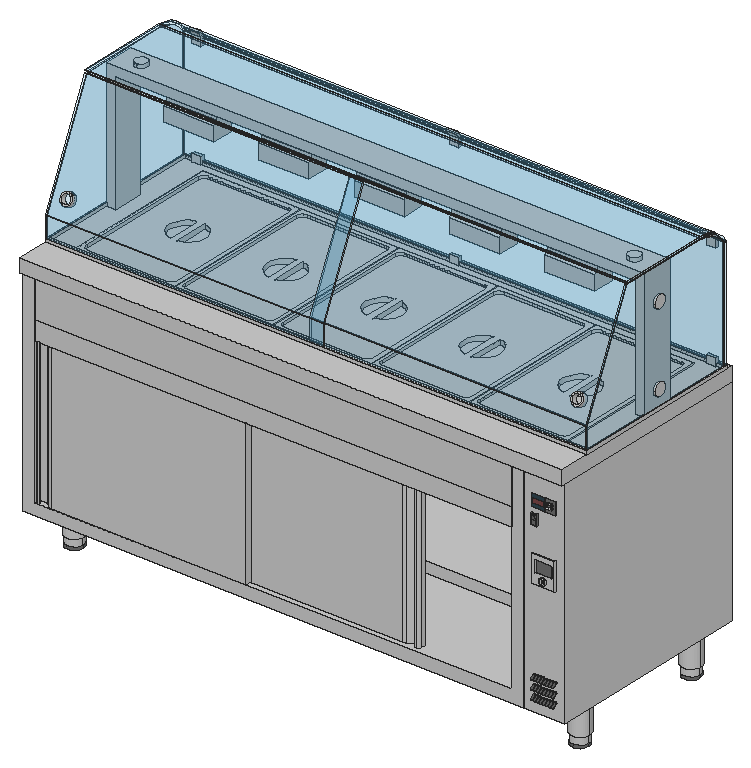
Revit family "QF_INOMAK_MFV718_250606031629", category Specialty Equipment, Revit 2021
Family settings
  Round Connector Dimension = Use Diameter
  Part Type = Normal
  OmniClass Number = 23.40.40.14
  OmniClass Title = Food Service Equipment
  Work Plane-Based = No
  Always vertical = Yes
  Cut with Voids When Loaded = No
  Shared = No
  Room Calculation Point = No
Parameters (values of type "MFV718")
  Weight [instance] = 126.00 kg
  Waste Water Discharge Temperature [instance] = 0 °C
  Waste Remarks [instance] = ""
  Warranty Start Date [instance] = ""
  Warranty Duration [instance] = ""
  Volts [instance] = 230 V
  Volt Free Conn [instance] = no
  URL Recommended Spares List [instance] = ""
  URL Manufacturer [instance] = ""
  URL Cutsheet [instance] = ""
  URL Critical Spares List [instance] = ""
  URL = "www.inomak.com"
  Technical Documentation [instance] = ""
  Tag Number [instance] = ""
  Status [instance] = ""
  Start Up Current [instance] = 0 A
  Specification by User [instance] = ""
  Specification by Manufacturer [instance] = ""
  Sound Level [instance] = ""
  Show Logo [instance] = yes
  Show Clearances [instance] = yes
  Service Life Duration [instance] = ""
  Serial Number [instance] = ""
  Seismic Rating [instance] = ""
  SMACNA No [instance] = ""
  Revision Code [instance] = ""
  Revision [instance] = ""
  Production Year [instance] = ""
  Potential Equalisation [instance] = no
  Point Load [instance] = 0
  Plumbing Remarks [instance] = ""
  Plumbing Connection Type [instance] = ""
  Phase [instance] = 1
  Other Equipment Approvals [instance] = ""
  Operational Current [instance] = 0 A
  Odor Trap Included [instance] = no
  Number of Poles [instance] = 2
  No Load Power Draw [instance] = no
  National Water Regulation Certification [instance] = no
  NAFEM Spec ID Number [instance] = ""
  Model Warning [instance] = ""
  Model = "MFV718"
  Min Ckt Ampacity [instance] = 0 A
  Max Overcurrent Protection [instance] = 16 A
  Masterspec [instance] = ""
  Manufacturer = "INOMAK"
  Main switch integrated [instance] = no
  Length Actual [instance] = 1792 mm
  Item Number [instance] = ""
  Installed By [instance] = ""
  Installation Date [instance] = ""
  Indirect Waste Size [instance] = 25.4 mm
  Indirect Waste Remarks [instance] = ""
  Indirect Waste Flow [instance] = 0.0 L/s
  Indirect Waste Connection Type [instance] = ""
  Indirect Waste Connection Height [instance] = 0 mm
  Identify Quantity as Lot [instance] = no
  ID [instance] = ""
  Hygiene Approval [instance] = ""
  Height Actual [instance] = 1313 mm
  HP power [instance] = ""
  Furnished By [instance] = ""
  Foodservice Equipment Identifier [instance] = no
  FL Amps [instance] = 14.1 A
  Electrical Remarks [instance] = ""
  Electric power [instance] = 3250 W
  Electric Connection Type [instance] = ""
  Elec Conn RI Height [instance] = 0 mm
  Elec Conn Connection Height [instance] = 0 mm
  ETL Approved [instance] = no
  Direct Waste Water Discharge Temperature [instance] = -273.15 °C
  Direct Waste Size [instance] = 25.4 mm
  Direct Waste RI Height [instance] = 0 mm
  Direct Waste Flow [instance] = 0.0 L/s
  Direct Waste Connection Height [instance] = 0 mm
  Description = "BAIN MARIE ON CUPBOARD WITH 4 GN PANS CAPACITY AND SHOWCASE"
  Depth Actual [instance] = 700 mm
  Default Elevation = 0 mm
  Cycle [instance] = 50 Hz
  Cost = 0
  Connection to energy optimisation system [instance] = yes
  Conn Plug [instance] = ""
  Conn Conduit [instance] = no
  Cold Water Temperature Recommended [instance] = 0 °C
  Cold Water Size [instance] = 12.7 mm
  Cold Water Remarks [instance] = ""
  Cold Water RI Height [instance] = 0 mm
  Cold Water Quality [instance] = ""
  Cold Water Minimum Pressure [instance] = 200000.0 Pa
  Cold Water Maximum Pressure [instance] = 600000.0 Pa
  Cold Water Flow [instance] = 0.0 L/s
  Cold Water Connection Type [instance] = ""
  Cold Water Connection Height [instance] = 0 mm
  Centralized building control system with digital interface [instance] = ""
  CSI MasterFormat [instance] = ""
  CE Approved [instance] = no
  Barcode [instance] = 0
  Author [instance] = ""
  Asset Identifier [instance] = ""
  Apparent Power [instance] = 3250 VA
  Accessory [instance] = no
Reference planes
  plane 1 "Center (Front/Back)": y = 0
  plane 2: z = 0
  plane 3 "Center (Left/Right)": x = 0
Forms (mm)
  Extrusion 1, solid, not visible
    sketch origin (110.005, -510.025, 142.007) x (1, 0, 0) y (0, 1, 0)
      loop
        line (-2, 2) -> (-2, -2) -> (2, -2) -> (2, 2) -> (-2, 2)
    from -2 to 2
  Extrusion 2, solid, not visible
    sketch origin (110.005, -410.02, 142.007) x (1, 0, 0) y (0, 1, 0)
      loop
        line (-2, 2) -> (-2, -2) -> (2, -2) -> (2, 2) -> (-2, 2)
    from -2 to 2
  Extrusion 3, solid, not visible
    sketch origin (1745.085, -635.031, 142.007) x (1, 0, 0) y (0, 1, 0)
      loop
        line (-2, 2) -> (-2, -2) -> (2, -2) -> (2, 2) -> (-2, 2)
    from -2 to 2
Dimensions and locks
  locked: nested 2 to Extrusion 1 at 2  (x2)
  locked: nested 3 to Extrusion 2 at 2  (x2)
  locked: nested 4 to Extrusion 3 at 2  (x2)
  aligned and locked: level to plane 2
Nested families
  nested 1: "QF_INOMAK_CUPBOARD_BAIN_MARIES_1795_2920" at (0, 0, 140), type "MFV718"
    with Weight 126.00 kg, Warranty Start Date "", Warranty Duration "", URL Cutsheet "", Technical Documentation "", Tag Number "", Status "", Specification by User "", Specification by Manufacturer "", Sound Level "", Solid Fuel Type "", Show Logo yes, Show Clearances yes, Service Life Duration "", Serial Number "", Seismic Rating "", SMACNA No "", Revision Code "", Revision "", Production Year "", Point Load 0, Other Equipment Approvals "", NAFEM Spec ID Number "", Model Warning "", Masterspec "", Length Actual 1792 mm, Item Number "", Installed By "", Installation Date "", Identify Quantity as Lot yes, ID "", Hygiene Approval "", Height Actual 1313 mm, Furnished By "", Foodservice Equipment Identifier yes, ETL Approved yes, Depth Actual 700 mm, CSI MasterFormat "", CE Approved yes, Barcode "", Author "", Asset Identifier "", Accessory no
  nested 2: "CONN_POINT_COLDWATER_2D___Generic_Annotation" at (110.005, -510.025, 140.007), type "CONN_POINT_COLDWATER_2D___Generic_Annotation"
    with Onboard connection annotation symbol visibility yes
  nested 3: "CONN_POINT_DRAIN_2D___Generic_Annotation" at (110.005, -410.02, 140.007), type "CONN_POINT_DRAIN_2D___Generic_Annotation"
    with Onboard connection annotation symbol visibility yes
  nested 4: "CONN_POINT_ELE_2D___Generic_Annotation" at (1745.085, -635.031, 140.007), type "CONN_POINT_ELE_2D___Generic_Annotation"
    with Onboard connection annotation symbol visibility yes
  nested 5: "QF_INOMAK_HEAT_WORKTOPS_HTVF_1795_5089" at (0, 0, 896), type "HTVF-1795-630"
    with Weight 0.00 kg, Warranty Start Date "", Warranty Duration "", URL Cutsheet "", Technical Documentation "", Tag Number "", Status "", Specification by User "", Specification by Manufacturer "", Sound Level "", Solid Fuel Type "", Show Logo yes, Show Clearances yes, Service Life Duration "", Serial Number "", Seismic Rating "", SMACNA No "", Revision Code "", Revision "", Production Year "", Point Load 0, Other Equipment Approvals "", NAFEM Spec ID Number "", Model Warning "", Masterspec "", Length Actual 1792 mm, Item Number "", Installed By "", Installation Date "", Identify Quantity as Lot yes, ID "", Hygiene Approval "", Height Actual 440 mm, Furnished By "", Foodservice Equipment Identifier yes, ETL Approved yes, Depth Actual 630 mm, CSI MasterFormat "", CE Approved yes, Barcode "", Author "", Asset Identifier "", Accessory yes
  nested 6: "QF_INOMAK_LEGS_6348" at (0, 0, 0), type "LG-1795-700"
    with Weight 0.00 kg, Warranty Start Date "", Warranty Duration "", URL Cutsheet "", Technical Documentation "", Tag Number "", Status "", Specification by User "", Specification by Manufacturer "", Sound Level "", Solid Fuel Type "", Show Logo yes, Show Clearances yes, Service Life Duration "", Serial Number "", Seismic Rating "", SMACNA No "", Revision Code "", Revision "", Production Year "", Point Load 0, Other Equipment Approvals "", NAFEM Spec ID Number "", Model Warning "", Masterspec "", Length Actual 1792 mm, Item Number "", Installed By "", Installation Date "", Identify Quantity as Lot yes, ID "", Hygiene Approval "", Height Actual 140 mm, Furnished By "", Foodservice Equipment Identifier yes, ETL Approved yes, Depth Actual 700 mm, CSI MasterFormat "", CE Approved yes, Barcode "", Author "", Asset Identifier "", Accessory yes
Connectors
  piping at (110.005, -510.025, 140.007), diameter 12.7, driven by "Cold Water Size", driven by "Cold Water Flow"
    settings: on Extrusion 1, index 1, connector inside diameter 609.6 mm, connector length 0 mm, flow factor 0, pipe flow 0.0 L/s, pressure drop 0.0 Pa, fitting loss kfactor 0, connector angle 0.00°, fixture units 0, engagement length 0 mm, angle of deflection 0.00°, flow configuration 1, flow direction 1, fitting loss method 0, system type 20, joint type 0, gender type 0, connector reference index -1, connector utility 0, adjustable connector no, is connector primary yes, connector description "Cold Water connection for MFV718"
  piping at (110.005, -410.02, 140.007), diameter 25.4, driven by "Indirect Waste Size", driven by "Direct Waste Flow"
    settings: on Extrusion 2, index 2, connector inside diameter 609.6 mm, connector length 0 mm, flow factor 0, pipe flow 0.0 L/s, pressure drop 0.0 Pa, fitting loss kfactor 0, connector angle 0.00°, fixture units 0, engagement length 0 mm, angle of deflection 0.00°, flow configuration 1, flow direction 2, fitting loss method 0, system type 16, joint type 0, gender type 0, connector reference index -1, connector utility 0, adjustable connector no, is connector primary no, connector description "Waste connection for MFV718"
  electrical at (1745.085, -635.031, 140.007), driven by "Apparent Power", driven by "Number of Poles", driven by "Volts"
    settings: on Extrusion 3, index 3, voltage 230 V, apparent load 0 VA, apparent load phase1 3250 VA, apparent load phase2 0 VA, apparent load phase3 0 VA, power factor 1, load classification "Other", number of poles 2, system type 31, power factor state 1, is connector primary yes, connector utility no, sub classification motor no, connector description "Electrical connection for MFV718"
Definition of nested family "QF_INOMAK_CUPBOARD_BAIN_MARIES_1795_2920"
  Parameters (values of type "MDV718")
    Weight [instance] = 0.00 kg
    Warranty Start Date [instance] = ""
    Warranty Duration [instance] = ""
    URL Cutsheet [instance] = ""
    URL = "www.inomak.com"
    Technical Documentation [instance] = ""
    Tag Number [instance] = ""
    Status [instance] = ""
    Specification by User [instance] = ""
    Specification by Manufacturer [instance] = ""
    Sound Level [instance] = ""
    Solid Fuel Type [instance] = ""
    Show Logo [instance] = yes
    Show Clearances [instance] = yes
    Service Life Duration [instance] = ""
    Serial Number [instance] = ""
    Seismic Rating [instance] = ""
    SMACNA No [instance] = ""
    Revision Code [instance] = ""
    Revision [instance] = ""
    Production Year [instance] = ""
    Point Load [instance] = 0
    Other Equipment Approvals [instance] = ""
    NAFEM Spec ID Number [instance] = ""
    Model Warning [instance] = ""
    Model = "MDV718"
    Masterspec [instance] = ""
    Manufacturer = "INOMAK"
    Length Actual [instance] = 0 mm
    Item Number [instance] = ""
    Installed By [instance] = ""
    Installation Date [instance] = ""
    Identify Quantity as Lot [instance] = yes
    ID [instance] = ""
    Hygiene Approval [instance] = ""
    Height Actual [instance] = 0 mm
    Furnished By [instance] = ""
    Foodservice Equipment Identifier [instance] = yes
    ETL Approved [instance] = yes
    Description = "BAIN MARIE ON CUPBOARD WITH 4 GN PANS CAPACITY"
    Depth Actual [instance] = 0 mm
    Default Elevation = 0 mm
    CSI MasterFormat [instance] = ""
    CE Approved [instance] = yes
    Barcode [instance] = ""
    Author [instance] = ""
    Asset Identifier [instance] = ""
    Assembly Code = "E1090320"
    Accessory [instance] = yes
  Types (10, lengths in mm): name | Model | Description
    MFV718 | "MFV718" | "BAIN MARIE ON CUPBOARD WITH 4 GN PANS CAPACITY AND SHOWCASE"
    MHV718 | "MHV718" | "BAIN MARIE ON HEATED CUPBOARD WITH 4 GN PANS CAPACITY"
    MJV718 | "MJV718" | "BAIN MARIE ON HEATED CUPBOARD WITH 4 GN PANS CAPACITY AND SINGLE SNEEZE GUARD"
    MQV718 | "MQV718" | "BAIN MARIE ON HEATED CUPBOARD WITH 4 GN PANS CAPACITY AND DOUBLE SNEEZE GUARD"
    MISQ718 | "MISQ718" | "BAIN MARIE ON HEATED CUPBOARD WITH 4 GN PANS CAPACITY AND SQUARE SHOWCASE"
    MDV718 | "MDV718" | "BAIN MARIE ON CUPBOARD WITH 4 GN PANS CAPACITY"
    MVV718 | "MVV718" | "BAIN MARIE ON CUPBOARD WITH 4 GN PANS CAPACITY AND SINGLE SNEEZE GUARD"
    MRV718 | "MRV718" | "BAIN MARIE ON CUPBOARD WITH 4 GN PANS CAPACITY AND DOUBLE SNEEZE GUARD"
    MFSQ718 | "MFSQ718" | "BAIN MARIE ON CUPBOARD WITH 4 GN PANS CAPACITY AND SQUARE SHOWCASE"
    MIV718 | "MIV718" | "BAIN MARIE ON HEATED CUPBOARD WITH 4 GN PANS CAPACITY AND SHOWCASE"
  Reference planes
    plane 1 "Back": y = 0
    plane 2: z = 0
    plane 3 "Left": x = 0
    plane 4 "Right": x = 1792
    plane 5 "Front": y = -700
    plane 6 "Top": z = 756
  Forms (mm)
    Extrusion 1, solid
      sketch origin (1168.283, -707, -123.631) x (-1, 0, 0) y (0, 0, 1)
        loop
          arc (-522.253, 235.165) -> (-526.351, 236.263) -> (-527.449, 232.165) r 3
          line (-527.449, 232.165) -> (-518.449, 216.577)
          arc (-518.449, 216.577) -> (-514.351, 215.479) -> (-513.253, 219.577) r 3
          line (-513.253, 219.577) -> (-522.253, 235.165)
        loop
          arc (-532.253, 235.165) -> (-536.351, 236.263) -> (-537.449, 232.165) r 3
          line (-537.449, 232.165) -> (-528.449, 216.577)
          arc (-528.449, 216.577) -> (-524.351, 215.479) -> (-523.253, 219.577) r 3
          line (-523.253, 219.577) -> (-532.253, 235.165)
        loop
          arc (-542.253, 235.165) -> (-546.351, 236.263) -> (-547.449, 232.165) r 3
          line (-547.449, 232.165) -> (-538.449, 216.577)
          arc (-538.449, 216.577) -> (-534.351, 215.479) -> (-533.253, 219.577) r 3
          line (-533.253, 219.577) -> (-542.253, 235.165)
        loop
          arc (-552.253, 235.165) -> (-556.351, 236.263) -> (-557.449, 232.165) r 3
          line (-557.449, 232.165) -> (-548.449, 216.577)
          arc (-548.449, 216.577) -> (-544.351, 215.479) -> (-543.253, 219.577) r 3
          line (-543.253, 219.577) -> (-552.253, 235.165)
        loop
          arc (-562.253, 235.165) -> (-566.351, 236.263) -> (-567.449, 232.165) r 3
          line (-567.449, 232.165) -> (-558.449, 216.577)
          arc (-558.449, 216.577) -> (-554.351, 215.479) -> (-553.253, 219.577) r 3
          line (-553.253, 219.577) -> (-562.253, 235.165)
        loop
          arc (-572.253, 235.165) -> (-576.351, 236.263) -> (-577.449, 232.165) r 3
          line (-577.449, 232.165) -> (-568.449, 216.577)
          arc (-568.449, 216.577) -> (-564.351, 215.479) -> (-563.253, 219.577) r 3
          line (-563.253, 219.577) -> (-572.253, 235.165)
        loop
          arc (-582.253, 235.165) -> (-586.351, 236.263) -> (-587.449, 232.165) r 3
          line (-587.449, 232.165) -> (-578.449, 216.577)
          arc (-578.449, 216.577) -> (-574.351, 215.479) -> (-573.253, 219.577) r 3
          line (-573.253, 219.577) -> (-582.253, 235.165)
        loop
          arc (-592.253, 235.165) -> (-596.351, 236.263) -> (-597.449, 232.165) r 3
          line (-597.449, 232.165) -> (-588.449, 216.577)
          arc (-588.449, 216.577) -> (-584.351, 215.479) -> (-583.253, 219.577) r 3
          line (-583.253, 219.577) -> (-592.253, 235.165)
        loop
          arc (-522.253, 205.165) -> (-526.351, 206.263) -> (-527.449, 202.165) r 3
          line (-527.449, 202.165) -> (-518.449, 186.577)
          arc (-518.449, 186.577) -> (-514.351, 185.479) -> (-513.253, 189.577) r 3
          line (-513.253, 189.577) -> (-522.253, 205.165)
        loop
          arc (-532.253, 205.165) -> (-536.351, 206.263) -> (-537.449, 202.165) r 3
          line (-537.449, 202.165) -> (-528.449, 186.577)
          arc (-528.449, 186.577) -> (-524.351, 185.479) -> (-523.253, 189.577) r 3
          line (-523.253, 189.577) -> (-532.253, 205.165)
        loop
          arc (-542.253, 205.165) -> (-546.351, 206.263) -> (-547.449, 202.165) r 3
          line (-547.449, 202.165) -> (-538.449, 186.577)
          arc (-538.449, 186.577) -> (-534.351, 185.479) -> (-533.253, 189.577) r 3
          line (-533.253, 189.577) -> (-542.253, 205.165)
        loop
          arc (-552.253, 205.165) -> (-556.351, 206.263) -> (-557.449, 202.165) r 3
          line (-557.449, 202.165) -> (-548.449, 186.577)
          arc (-548.449, 186.577) -> (-544.351, 185.479) -> (-543.253, 189.577) r 3
          line (-543.253, 189.577) -> (-552.253, 205.165)
        loop
          arc (-562.253, 205.165) -> (-566.351, 206.263) -> (-567.449, 202.165) r 3
          line (-567.449, 202.165) -> (-558.449, 186.577)
          arc (-558.449, 186.577) -> (-554.351, 185.479) -> (-553.253, 189.577) r 3
          line (-553.253, 189.577) -> (-562.253, 205.165)
        loop
          arc (-572.253, 205.165) -> (-576.351, 206.263) -> (-577.449, 202.165) r 3
          line (-577.449, 202.165) -> (-568.449, 186.577)
          arc (-568.449, 186.577) -> (-564.351, 185.479) -> (-563.253, 189.577) r 3
          line (-563.253, 189.577) -> (-572.253, 205.165)
        loop
          arc (-582.253, 205.165) -> (-586.351, 206.263) -> (-587.449, 202.165) r 3
          line (-587.449, 202.165) -> (-578.449, 186.577)
          arc (-578.449, 186.577) -> (-574.351, 185.479) -> (-573.253, 189.577) r 3
          line (-573.253, 189.577) -> (-582.253, 205.165)
        loop
          arc (-592.253, 205.165) -> (-596.351, 206.263) -> (-597.449, 202.165) r 3
          line (-597.449, 202.165) -> (-588.449, 186.577)
          arc (-588.449, 186.577) -> (-584.351, 185.479) -> (-583.253, 189.577) r 3
          line (-583.253, 189.577) -> (-592.253, 205.165)
        loop
          arc (-522.253, 175.165) -> (-526.351, 176.263) -> (-527.449, 172.165) r 3
          line (-527.449, 172.165) -> (-518.449, 156.577)
          arc (-518.449, 156.577) -> (-514.351, 155.479) -> (-513.253, 159.577) r 3
          line (-513.253, 159.577) -> (-522.253, 175.165)
        loop
          arc (-532.253, 175.165) -> (-536.351, 176.263) -> (-537.449, 172.165) r 3
          line (-537.449, 172.165) -> (-528.449, 156.577)
          arc (-528.449, 156.577) -> (-524.351, 155.479) -> (-523.253, 159.577) r 3
          line (-523.253, 159.577) -> (-532.253, 175.165)
        loop
          arc (-542.253, 175.165) -> (-546.351, 176.263) -> (-547.449, 172.165) r 3
          line (-547.449, 172.165) -> (-538.449, 156.577)
          arc (-538.449, 156.577) -> (-534.351, 155.479) -> (-533.253, 159.577) r 3
          line (-533.253, 159.577) -> (-542.253, 175.165)
        loop
          arc (-552.253, 175.165) -> (-556.351, 176.263) -> (-557.449, 172.165) r 3
          line (-557.449, 172.165) -> (-548.449, 156.577)
          arc (-548.449, 156.577) -> (-544.351, 155.479) -> (-543.253, 159.577) r 3
          line (-543.253, 159.577) -> (-552.253, 175.165)
        loop
          arc (-562.253, 175.165) -> (-566.351, 176.263) -> (-567.449, 172.165) r 3
          line (-567.449, 172.165) -> (-558.449, 156.577)
          arc (-558.449, 156.577) -> (-554.351, 155.479) -> (-553.253, 159.577) r 3
          line (-553.253, 159.577) -> (-562.253, 175.165)
        loop
          arc (-572.253, 175.165) -> (-576.351, 176.263) -> (-577.449, 172.165) r 3
          line (-577.449, 172.165) -> (-568.449, 156.577)
          arc (-568.449, 156.577) -> (-564.351, 155.479) -> (-563.253, 159.577) r 3
          line (-563.253, 159.577) -> (-572.253, 175.165)
        loop
          arc (-582.253, 175.165) -> (-586.351, 176.263) -> (-587.449, 172.165) r 3
          line (-587.449, 172.165) -> (-578.449, 156.577)
          arc (-578.449, 156.577) -> (-574.351, 155.479) -> (-573.253, 159.577) r 3
          line (-573.253, 159.577) -> (-582.253, 175.165)
        loop
          arc (-592.253, 175.165) -> (-596.351, 176.263) -> (-597.449, 172.165) r 3
          line (-597.449, 172.165) -> (-588.449, 156.577)
          arc (-588.449, 156.577) -> (-584.351, 155.479) -> (-583.253, 159.577) r 3
          line (-583.253, 159.577) -> (-592.253, 175.165)
      from 16.5 to 18.5
    Extrusion 2, solid
      sketch origin (1476.266, -692, 538.514) x (-1, 0, 0) y (0, 0, 1)
        loop
          line (-208.234, 108.408) -> (-253.234, 108.408) -> (-253.234, 68.408) -> (-208.234, 68.408) -> (-208.234, 108.408)
      from 0 to 2
    Extrusion 3, solid
      sketch origin (754.5, -693, 539.422) x (-1, 0, 0) y (0, 0, 1)
        loop
          line (-950, 15) -> (-930, 15) -> (-930, 50) -> (-950, 50) -> (-950, 15)
      from 0 to 3
    Extrusion 4, solid
      sketch origin (782.5, -568, 539.422) x (0, 1, 0) y (0, 0, 1)
        loop
          line (-125, 18) -> (-125, 47)
          arc (-125, 47) -> (-127.961, 46.812) -> (-130.754, 45.81) r 10.576
          line (-130.754, 45.81) -> (-128, 32.5) -> (-128, 18) -> (-125, 18)
      from 905 to 919
    Extrusion 5, solid
      sketch origin (1521.266, -692, 538.514) x (-1, 0, 0) y (0, 0, 1)
        loop
          line (-208.234, 108.408) -> (-243.234, 108.408) -> (-243.234, 68.408) -> (-208.234, 68.408) -> (-208.234, 108.408)
      from 0 to 2
    Extrusion 6, solid
      sketch origin (1476.266, -692.5, 538.514) x (-1, 0, 0) y (0, 0, 1)
        loop
          line (-213.234, 94.908) -> (-248.234, 94.908) -> (-248.234, 81.908) -> (-213.234, 81.908) -> (-213.234, 94.908)
      from 0 to 2.5
    Extrusion 7, solid
      sketch origin (1476.266, -692.5, 538.514) x (-1, 0, 0) y (0, 0, 1)
        loop
          line (-271.558, 91.171) -> (-275.802, 98.522) -> (-280.047, 91.171) -> (-271.558, 91.171)
        loop
          line (-271.558, 85.645) -> (-280.047, 85.645) -> (-275.802, 78.294) -> (-271.558, 85.645)
        loop
          line (-257.397, 85.645) -> (-267.397, 85.645) -> (-267.397, 78.294) -> (-257.397, 78.294) -> (-257.397, 85.645)
        loop
          line (-265.397, 98.522) -> (-267.397, 98.522) -> (-267.397, 92.322) -> (-259.549, 92.322) -> (-259.549, 91.171) -> (-257.397, 93.322) -> (-259.549, 95.474) -> (-259.549, 94.322) -> (-265.397, 94.322) -> (-265.397, 98.522)
      from 0 to 2.5
    Extrusion 8, solid
      sketch origin (28.5, 0, 488) x (1, 0, 0) y (0, 1, 0)
        loop
          line (55, -50) -> (55, -580) -> (380, -580) -> (380, -50) -> (55, -50)
        loop
          arc (87.5, -65) -> (73.358, -70.858) -> (67.5, -85) r 20
          line (67.5, -85) -> (67.5, -545.415)
          arc (67.5, -545.415) -> (73.358, -559.557) -> (87.5, -565.415) r 20
          line (87.5, -565.415) -> (347.5, -565.415)
          arc (347.5, -565.415) -> (361.642, -559.557) -> (367.5, -545.415) r 20
          line (367.5, -545.415) -> (367.5, -85)
          arc (367.5, -85) -> (361.642, -70.858) -> (347.5, -65) r 20
          line (347.5, -65) -> (87.5, -65)
      from 222 to 270
    Extrusion 9, solid
      sketch origin (28.5, 0, 481) x (1, 0, 0) y (0, 1, 0)
        loop
          arc (67.5, -545.415) -> (73.358, -559.557) -> (87.5, -565.415) r 20
          line (87.5, -565.415) -> (347.5, -565.415)
          arc (347.5, -565.415) -> (361.642, -559.557) -> (367.5, -545.415) r 20
          line (367.5, -545.415) -> (367.5, -85)
          arc (367.5, -85) -> (361.642, -70.858) -> (347.5, -65) r 20
          line (347.5, -65) -> (87.5, -65)
          arc (87.5, -65) -> (73.358, -70.858) -> (67.5, -85) r 20
          line (67.5, -85) -> (67.5, -545.415)
      from 229 to 270
    Extrusion 10, void
      sketch origin (28.5, 0, 496) x (1, 0, 0) y (0, 1, 0)
        loop
          arc (207.5, -256.046) -> (157.5, -315.207) -> (207.5, -374.368) r 60
          line (207.5, -374.368) -> (207.5, -256.046)
        loop
          line (227.5, -256.046) -> (227.5, -374.368)
          arc (227.5, -374.368) -> (277.5, -315.207) -> (227.5, -256.046) r 60
      from 240 to 270
    Extrusion 11, solid
      sketch origin (353.5, 0, 488) x (1, 0, 0) y (0, 1, 0)
        loop
          line (55, -50) -> (55, -580) -> (380, -580) -> (380, -50) -> (55, -50)
        loop
          arc (87.5, -65) -> (73.358, -70.858) -> (67.5, -85) r 20
          line (67.5, -85) -> (67.5, -545.415)
          arc (67.5, -545.415) -> (73.358, -559.557) -> (87.5, -565.415) r 20
          line (87.5, -565.415) -> (347.5, -565.415)
          arc (347.5, -565.415) -> (361.642, -559.557) -> (367.5, -545.415) r 20
          line (367.5, -545.415) -> (367.5, -85)
          arc (367.5, -85) -> (361.642, -70.858) -> (347.5, -65) r 20
          line (347.5, -65) -> (87.5, -65)
      from 222 to 270
    Extrusion 12, solid
      sketch origin (353.5, 0, 481) x (1, 0, 0) y (0, 1, 0)
        loop
          arc (67.5, -545.415) -> (73.358, -559.557) -> (87.5, -565.415) r 20
          line (87.5, -565.415) -> (347.5, -565.415)
          arc (347.5, -565.415) -> (361.642, -559.557) -> (367.5, -545.415) r 20
          line (367.5, -545.415) -> (367.5, -85)
          arc (367.5, -85) -> (361.642, -70.858) -> (347.5, -65) r 20
          line (347.5, -65) -> (87.5, -65)
          arc (87.5, -65) -> (73.358, -70.858) -> (67.5, -85) r 20
          line (67.5, -85) -> (67.5, -545.415)
      from 229 to 270
    Extrusion 13, void
      sketch origin (353.5, 0, 496) x (1, 0, 0) y (0, 1, 0)
        loop
          arc (207.5, -256.046) -> (157.5, -315.207) -> (207.5, -374.368) r 60
          line (207.5, -374.368) -> (207.5, -256.046)
        loop
          line (227.5, -256.046) -> (227.5, -374.368)
          arc (227.5, -374.368) -> (277.5, -315.207) -> (227.5, -256.046) r 60
      from 240 to 270
    Extrusion 14, solid
      sketch origin (1003.5, 0, 488) x (1, 0, 0) y (0, 1, 0)
        loop
          line (55, -50) -> (55, -580) -> (380, -580) -> (380, -50) -> (55, -50)
        loop
          arc (87.5, -65) -> (73.358, -70.858) -> (67.5, -85) r 20
          line (67.5, -85) -> (67.5, -545.415)
          arc (67.5, -545.415) -> (73.358, -559.557) -> (87.5, -565.415) r 20
          line (87.5, -565.415) -> (347.5, -565.415)
          arc (347.5, -565.415) -> (361.642, -559.557) -> (367.5, -545.415) r 20
          line (367.5, -545.415) -> (367.5, -85)
          arc (367.5, -85) -> (361.642, -70.858) -> (347.5, -65) r 20
          line (347.5, -65) -> (87.5, -65)
      from 222 to 270
    Extrusion 15, solid
      sketch origin (1003.5, 0, 481) x (1, 0, 0) y (0, 1, 0)
        loop
          arc (67.5, -545.415) -> (73.358, -559.557) -> (87.5, -565.415) r 20
          line (87.5, -565.415) -> (347.5, -565.415)
          arc (347.5, -565.415) -> (361.642, -559.557) -> (367.5, -545.415) r 20
          line (367.5, -545.415) -> (367.5, -85)
          arc (367.5, -85) -> (361.642, -70.858) -> (347.5, -65) r 20
          line (347.5, -65) -> (87.5, -65)
          arc (87.5, -65) -> (73.358, -70.858) -> (67.5, -85) r 20
          line (67.5, -85) -> (67.5, -545.415)
      from 229 to 270
    Extrusion 16, void
      sketch origin (1003.5, 0, 496) x (1, 0, 0) y (0, 1, 0)
        loop
          arc (207.5, -256.046) -> (157.5, -315.207) -> (207.5, -374.368) r 60
          line (207.5, -374.368) -> (207.5, -256.046)
        loop
          line (227.5, -256.046) -> (227.5, -374.368)
          arc (227.5, -374.368) -> (277.5, -315.207) -> (227.5, -256.046) r 60
      from 240 to 270
    Extrusion 17, solid
      sketch origin (0, 0, 706) x (1, 0, 0) y (0, 1, 0)
        loop
          line (0, 0) -> (0, -700) -> (1792, -700) -> (1792, 0) -> (0, 0)
        loop
          line (83.5, -50) -> (83.5, -580) -> (1708.5, -580) -> (1708.5, -50) -> (83.5, -50)
      from 4 to 50
    Extrusion 18, solid
      sketch origin (0, 0, 0) x (1, 0, 0) y (0, 1, 0)
        loop
          line (0, -690) -> (40, -690) -> (40, -40) -> (1617, -40) -> (1617, -690) -> (1657, -690) -> (1657, 0) -> (0, 0) -> (0, -690)
      from 0 to 710
    Extrusion 19, solid
      sketch origin (687, 0, 0) x (1, 0, 0) y (0, 1, 0)
        loop
          line (970, 0) -> (970, -690) -> (1105, -690) -> (1105, 0) -> (970, 0)
      from 0 to 710
    Extrusion 20, solid
      sketch origin (-130, -690, 0) x (-1, 0, 0) y (0, 1, 0)
        loop
          line (-170, 10) -> (-170, 20) -> (-868.5, 20) -> (-868.5, 0) -> (-226.156, 0)
          arc (-226.156, 0) -> (-220.272, 0.885) -> (-214.91, 3.461) r 20
          line (-214.91, 3.461) -> (-195, 17) -> (-173, 17) -> (-173, 10)
          arc (-173, 10) -> (-175.05, 5.05) -> (-180, 3) r 7
          line (-180, 3) -> (-185.012, 3) -> (-185.012, 0) -> (-180, 0)
          arc (-180, 0) -> (-172.929, 2.929) -> (-170, 10) r 10
      from -40 to -520
    Extrusion 21, solid
      sketch origin (367, -690, 0) x (-1, 0, 0) y (0, 1, 0)
        loop
          arc (-930, 30) -> (-927.071, 22.929) -> (-920, 20) r 10
          line (-920, 20) -> (-914.988, 20) -> (-914.988, 23) -> (-920, 23)
          arc (-920, 23) -> (-924.95, 25.05) -> (-927, 30) r 7
          line (-927, 30) -> (-927, 37) -> (-905, 37) -> (-885.09, 23.461)
          arc (-885.09, 23.461) -> (-879.728, 20.885) -> (-873.844, 20) r 20
          line (-873.844, 20) -> (-231.5, 20) -> (-231.5, 40) -> (-930, 40) -> (-930, 30)
      from -40 to -520
    Extrusion 22, solid
      sketch origin (0, 0, 0) x (1, 0, 0) y (0, 1, 0)
        loop
          line (40, -40) -> (40, -690) -> (1620, -690) -> (1620, -40) -> (40, -40)
      from 0 to 40
    Extrusion 23, solid
      sketch origin (0.5, 0, 672.314) x (1, 0, 0) y (0, 1, 0)
        loop
          line (39.5, -40) -> (39.5, -690) -> (1616.5, -690) -> (1616.5, -40) -> (39.5, -40)
      from -92.314 to 37.686
    Extrusion 24, solid
      sketch origin (-1.5, 0, 610.314) x (1, 0, 0) y (0, 1, 0)
        loop
          line (41.5, -40) -> (41.5, -690) -> (1618.5, -690) -> (1618.5, -40) -> (41.5, -40)
      from -90.314 to -30.314
    Extrusion 25, solid
      sketch origin (-1.5, 0, 252.5) x (1, 0, 0) y (0, 1, 0)
        loop
          line (41.5, -40) -> (41.5, -645) -> (1618.5, -645) -> (1618.5, -40) -> (41.5, -40)
      from 0 to 35
    Extrusion 26, solid
      sketch origin (694.002, -695, 50) x (-1, 0, 0) y (0, 0, 1)
        loop
          line (-992.998, 421.076) -> (-1067.998, 421.076) -> (-1067.998, 331.076) -> (-992.998, 331.076) -> (-992.998, 421.076)
        loop
          line (-1003.957, 406.276) -> (-1058.957, 406.276) -> (-1058.957, 366.276) -> (-1003.957, 366.276) -> (-1003.957, 406.276)
      from 0 to 5
    Extrusion 27, solid
      sketch origin (694.002, -692, 50) x (-1, 0, 0) y (0, 0, 1)
        loop
          line (-1003.957, 406.276) -> (-1058.957, 406.276) -> (-1058.957, 366.276) -> (-1003.957, 366.276) -> (-1003.957, 406.276)
      from 0 to 2
    Revolve 28, solid
      sketch origin (1724.5, 59.612, -3292.415) x (0, 1, 0) y (0, 0, 1)
        loop
          line (-757.012, 3691.152) -> (-754.612, 3691.152) -> (-754.612, 3701.789) -> (-757.662, 3701.789) -> (-759.012, 3699.998) -> (-757.012, 3699.998) -> (-757.012, 3691.152)
        axis (-754.612, 3691.152) -> (-759.012, 3691.152)
      angle from 0 to 360
    Extrusion 29, solid
      sketch origin (-367.127, -695, 2689.585) x (-1, 0, 0) y (0, 0, 1)
        loop
          line (-2090.827, -2287.348) -> (-2092.827, -2287.348) -> (-2092.827, -2294.348) -> (-2090.827, -2294.348) -> (-2090.827, -2287.348)
        loop
          circle (-2091.627, -2290.848) r 7.846
      from -4.4 to -2.4
    Extrusion 30, solid
      sketch origin (678.5, 0, 488) x (1, 0, 0) y (0, 1, 0)
        loop
          line (55, -50) -> (55, -580) -> (380, -580) -> (380, -50) -> (55, -50)
        loop
          arc (87.5, -65) -> (73.358, -70.858) -> (67.5, -85) r 20
          line (67.5, -85) -> (67.5, -545.415)
          arc (67.5, -545.415) -> (73.358, -559.557) -> (87.5, -565.415) r 20
          line (87.5, -565.415) -> (347.5, -565.415)
          arc (347.5, -565.415) -> (361.642, -559.557) -> (367.5, -545.415) r 20
          line (367.5, -545.415) -> (367.5, -85)
          arc (367.5, -85) -> (361.642, -70.858) -> (347.5, -65) r 20
          line (347.5, -65) -> (87.5, -65)
      from 222 to 270
    Extrusion 31, solid
      sketch origin (678.5, 0, 481) x (1, 0, 0) y (0, 1, 0)
        loop
          arc (67.5, -545.415) -> (73.358, -559.557) -> (87.5, -565.415) r 20
          line (87.5, -565.415) -> (347.5, -565.415)
          arc (347.5, -565.415) -> (361.642, -559.557) -> (367.5, -545.415) r 20
          line (367.5, -545.415) -> (367.5, -85)
          arc (367.5, -85) -> (361.642, -70.858) -> (347.5, -65) r 20
          line (347.5, -65) -> (87.5, -65)
          arc (87.5, -65) -> (73.358, -70.858) -> (67.5, -85) r 20
          line (67.5, -85) -> (67.5, -545.415)
      from 229 to 270
    Extrusion 32, void
      sketch origin (678.5, 0, 496) x (1, 0, 0) y (0, 1, 0)
        loop
          arc (207.5, -256.046) -> (157.5, -315.207) -> (207.5, -374.368) r 60
          line (207.5, -374.368) -> (207.5, -256.046)
        loop
          line (227.5, -256.046) -> (227.5, -374.368)
          arc (227.5, -374.368) -> (277.5, -315.207) -> (227.5, -256.046) r 60
      from 240 to 270
    Extrusion 33, solid
      sketch origin (1328.5, 0, 488) x (1, 0, 0) y (0, 1, 0)
        loop
          line (55, -50) -> (55, -580) -> (380, -580) -> (380, -50) -> (55, -50)
        loop
          arc (87.5, -65) -> (73.358, -70.858) -> (67.5, -85) r 20
          line (67.5, -85) -> (67.5, -545.415)
          arc (67.5, -545.415) -> (73.358, -559.557) -> (87.5, -565.415) r 20
          line (87.5, -565.415) -> (347.5, -565.415)
          arc (347.5, -565.415) -> (361.642, -559.557) -> (367.5, -545.415) r 20
          line (367.5, -545.415) -> (367.5, -85)
          arc (367.5, -85) -> (361.642, -70.858) -> (347.5, -65) r 20
          line (347.5, -65) -> (87.5, -65)
      from 222 to 270
    Extrusion 34, solid
      sketch origin (1328.5, 0, 481) x (1, 0, 0) y (0, 1, 0)
        loop
          arc (67.5, -545.415) -> (73.358, -559.557) -> (87.5, -565.415) r 20
          line (87.5, -565.415) -> (347.5, -565.415)
          arc (347.5, -565.415) -> (361.642, -559.557) -> (367.5, -545.415) r 20
          line (367.5, -545.415) -> (367.5, -85)
          arc (367.5, -85) -> (361.642, -70.858) -> (347.5, -65) r 20
          line (347.5, -65) -> (87.5, -65)
          arc (87.5, -65) -> (73.358, -70.858) -> (67.5, -85) r 20
          line (67.5, -85) -> (67.5, -545.415)
      from 229 to 270
    Extrusion 35, void
      sketch origin (1328.5, 0, 496) x (1, 0, 0) y (0, 1, 0)
        loop
          arc (207.5, -256.046) -> (157.5, -315.207) -> (207.5, -374.368) r 60
          line (207.5, -374.368) -> (207.5, -256.046)
        loop
          line (227.5, -256.046) -> (227.5, -374.368)
          arc (227.5, -374.368) -> (277.5, -315.207) -> (227.5, -256.046) r 60
      from 240 to 270
  Cuts and joins
    Extrusion 10, Extrusion 13 cuts Extrusion 9
    Extrusion 13, Extrusion 16, Extrusion 32 cuts Extrusion 12
    Extrusion 16, Extrusion 35 cuts Extrusion 15
    joined: Extrusion 18, Extrusion 22
    Extrusion 32 cuts Extrusion 31
    Extrusion 35 cuts Extrusion 34
  Lines and regions (mm)
    symbolic lines
      curve 1: line (0, 0, 0) -> (1792, 0, 0)
      curve 2: line (0, -700, 0) -> (0, 0, 0)
      curve 3: line (1792, -700, 0) -> (0, -700, 0)
      curve 4: line (1792, 0, 0) -> (1792, -700, 0)
      curve 5: line (83.5, -50, 0) -> (1708.5, -50, 0)
      curve 6: line (83.5, -580, 0) -> (83.5, -50, 0)
      curve 7: line (1708.5, -580, 0) -> (83.5, -580, 0)
      curve 8: line (733.5, -50, 0) -> (733.5, -580, 0)
      curve 9: line (408.5, -50, 0) -> (408.5, -580, 0)
      curve 10: line (1708.5, -50, 0) -> (1708.5, -580, 0)
      curve 11: line (1058.5, -50, 0) -> (1058.5, -580, 0)
      curve 12: line (1383.5, -50, 0) -> (1383.5, -580, 0)
      curve 13: line (116, -65, 0) -> (376, -65, 0)
      curve 14: arc (376, -65, 0) -> (390.142, -70.858, 0) -> (396, -85, 0) r 20
      curve 15: line (396, -85, 0) -> (396, -545.415, 0)
      curve 16: arc (396, -545.415, 0) -> (390.142, -559.557, 0) -> (376, -565.415, 0) r 20
      curve 17: line (376, -565.415, 0) -> (116, -565.415, 0)
      curve 18: arc (116, -565.415, 0) -> (101.858, -559.557, 0) -> (96, -545.415, 0) r 20
      curve 19: line (96, -545.415, 0) -> (96, -85, 0)
      curve 20: arc (96, -85, 0) -> (101.858, -70.858, 0) -> (116, -65, 0) r 20
      curve 21: arc (236, -256.046, 0) -> (186, -315.207, 0) -> (236, -374.368, 0) r 60
      curve 22: line (236, -374.368, 0) -> (236, -256.046, 0)
      curve 23: line (256, -256.046, 0) -> (256, -374.368, 0)
      curve 24: arc (256, -374.368, 0) -> (306, -315.207, 0) -> (256, -256.046, 0) r 60
      curve 25: line (441, -65, 0) -> (701, -65, 0)
      curve 26: arc (701, -65, 0) -> (715.142, -70.858, 0) -> (721, -85, 0) r 20
      curve 27: line (721, -85, 0) -> (721, -545.415, 0)
      curve 28: arc (721, -545.415, 0) -> (715.142, -559.557, 0) -> (701, -565.415, 0) r 20
      curve 29: line (701, -565.415, 0) -> (441, -565.415, 0)
      curve 30: arc (441, -565.415, 0) -> (426.858, -559.557, 0) -> (421, -545.415, 0) r 20
      curve 31: line (421, -545.415, 0) -> (421, -85, 0)
      curve 32: arc (421, -85, 0) -> (426.858, -70.858, 0) -> (441, -65, 0) r 20
      curve 33: arc (561, -256.046, 0) -> (511, -315.207, 0) -> (561, -374.368, 0) r 60
      curve 34: line (561, -374.368, 0) -> (561, -256.046, 0)
      curve 35: line (581, -256.046, 0) -> (581, -374.368, 0)
      curve 36: arc (581, -374.368, 0) -> (631, -315.207, 0) -> (581, -256.046, 0) r 60
      curve 37: line (766, -65, 0) -> (1026, -65, 0)
      curve 38: arc (1026, -65, 0) -> (1040.142, -70.858, 0) -> (1046, -85, 0) r 20
      curve 39: line (1046, -85, 0) -> (1046, -545.415, 0)
      curve 40: arc (1046, -545.415, 0) -> (1040.142, -559.557, 0) -> (1026, -565.415, 0) r 20
      curve 41: line (1026, -565.415, 0) -> (766, -565.415, 0)
      curve 42: arc (766, -565.415, 0) -> (751.858, -559.557, 0) -> (746, -545.415, 0) r 20
      curve 43: line (746, -545.415, 0) -> (746, -85, 0)
      curve 44: arc (746, -85, 0) -> (751.858, -70.858, 0) -> (766, -65, 0) r 20
      curve 45: arc (886, -256.046, 0) -> (836, -315.207, 0) -> (886, -374.368, 0) r 60
      curve 46: line (886, -374.368, 0) -> (886, -256.046, 0)
      curve 47: line (906, -256.046, 0) -> (906, -374.368, 0)
      curve 48: arc (906, -374.368, 0) -> (956, -315.207, 0) -> (906, -256.046, 0) r 60
      curve 49: line (1091, -65, 0) -> (1351, -65, 0)
      curve 50: arc (1351, -65, 0) -> (1365.142, -70.858, 0) -> (1371, -85, 0) r 20
      curve 51: line (1371, -85, 0) -> (1371, -545.415, 0)
      curve 52: arc (1371, -545.415, 0) -> (1365.142, -559.557, 0) -> (1351, -565.415, 0) r 20
      curve 53: line (1351, -565.415, 0) -> (1091, -565.415, 0)
      curve 54: arc (1091, -565.415, 0) -> (1076.858, -559.557, 0) -> (1071, -545.415, 0) r 20
      curve 55: line (1071, -545.415, 0) -> (1071, -85, 0)
      curve 56: arc (1071, -85, 0) -> (1076.858, -70.858, 0) -> (1091, -65, 0) r 20
      curve 57: arc (1211, -256.046, 0) -> (1161, -315.207, 0) -> (1211, -374.368, 0) r 60
      curve 58: line (1211, -374.368, 0) -> (1211, -256.046, 0)
      curve 59: line (1231, -256.046, 0) -> (1231, -374.368, 0)
      curve 60: arc (1231, -374.368, 0) -> (1281, -315.207, 0) -> (1231, -256.046, 0) r 60
      curve 61: line (1416, -65, 0) -> (1676, -65, 0)
      curve 62: arc (1676, -65, 0) -> (1690.142, -70.858, 0) -> (1696, -85, 0) r 20
      curve 63: line (1696, -85, 0) -> (1696, -545.415, 0)
      curve 64: arc (1696, -545.415, 0) -> (1690.142, -559.557, 0) -> (1676, -565.415, 0) r 20
      curve 65: line (1676, -565.415, 0) -> (1416, -565.415, 0)
      curve 66: arc (1416, -565.415, 0) -> (1401.858, -559.557, 0) -> (1396, -545.415, 0) r 20
      curve 67: line (1396, -545.415, 0) -> (1396, -85, 0)
      curve 68: arc (1396, -85, 0) -> (1401.858, -70.858, 0) -> (1416, -65, 0) r 20
      curve 69: arc (1536, -256.046, 0) -> (1486, -315.207, 0) -> (1536, -374.368, 0) r 60
      curve 70: line (1536, -374.368, 0) -> (1536, -256.046, 0)
      curve 71: line (1556, -256.046, 0) -> (1556, -374.368, 0)
      curve 72: arc (1556, -374.368, 0) -> (1606, -315.207, 0) -> (1556, -256.046, 0) r 60
  Dimensions and locks
    plane 3 "Left" to plane 4 "Right" = 1792 mm
    plane 5 "Front" to plane 1 "Back" = 700 mm
    plane 6 "Top" to plane 2 = 756 mm
    aligned and locked: level to plane 2
Definition of nested family "QF_INOMAK_HEAT_WORKTOPS_HTVF_1795_5089"
  Parameters (values of type "HTVF-1795-630")
    Weight [instance] = 0.00 kg
    Warranty Start Date [instance] = ""
    Warranty Duration [instance] = ""
    URL Cutsheet [instance] = ""
    URL = "www.inomak.com"
    Technical Documentation [instance] = ""
    Tag Number [instance] = ""
    Status [instance] = ""
    Specification by User [instance] = ""
    Specification by Manufacturer [instance] = ""
    Sound Level [instance] = ""
    Solid Fuel Type [instance] = ""
    Show Logo [instance] = yes
    Show Clearances [instance] = yes
    Service Life Duration [instance] = ""
    Serial Number [instance] = ""
    Seismic Rating [instance] = ""
    SMACNA No [instance] = ""
    Revision Code [instance] = ""
    Revision [instance] = ""
    Production Year [instance] = ""
    Point Load [instance] = 0
    Other Equipment Approvals [instance] = ""
    NAFEM Spec ID Number [instance] = ""
    Model Warning [instance] = ""
    Model = "HTVF"
    Masterspec [instance] = ""
    Manufacturer = "INOMAK"
    Length Actual [instance] = 0 mm
    Item Number [instance] = ""
    Installed By [instance] = ""
    Installation Date [instance] = ""
    Identify Quantity as Lot [instance] = yes
    ID [instance] = ""
    Hygiene Approval [instance] = ""
    Height Actual [instance] = 0 mm
    Furnished By [instance] = ""
    Foodservice Equipment Identifier [instance] = yes
    ETL Approved [instance] = yes
    Description = "FULL LENGTH VITRINE"
    Depth Actual [instance] = 0 mm
    Default Elevation = 0 mm
    CSI MasterFormat [instance] = ""
    CE Approved [instance] = yes
    Barcode [instance] = ""
    Author [instance] = ""
    Asset Identifier [instance] = ""
    Assembly Code = "E1090320"
    Accessory [instance] = yes
  Reference planes
    plane 1 "Back": y = 0
    plane 2: z = 0
    plane 3 "Left": x = 0
    plane 4 "Right": x = 1792
    plane 5 "Front": y = -630
    plane 6 "Top": z = 440
  Forms (mm)
    Extrusion 1, solid
      sketch origin (1080, -2300.77, 3167) x (0, -1, 0) y (0, 0, 1)
        loop
          line (-2280.77, -3157) -> (-2275.77, -3157) -> (-2275.77, -2791.06) -> (-2280.77, -2791.06) -> (-2280.77, -3157)
      from -712 to 1080
    Extrusion 2, solid
      sketch origin (0, 0, -833) x (0, 1, 0) y (0, 0, 1)
        loop
          line (-596, 843) -> (-30, 843) -> (-30, 1210.94)
          arc (-30, 1210.94) -> (-72.588, 1249.179) -> (-128.129, 1263) r 118.514
          line (-128.129, 1263) -> (-432.792, 1263) -> (-596, 913) -> (-596, 843)
      from 0 to 5
    Extrusion 3, solid
      sketch origin (1080, 0, -833) x (0, -1, 0) y (0, 0, 1)
        loop
          line (20, 1213.94) -> (25.993, 1213.94)
          arc (25.993, 1213.94) -> (70.349, 1253.652) -> (128.129, 1268) r 123.514
          line (128.129, 1268) -> (432.8, 1268) -> (432.8, 1273) -> (128.129, 1273)
          arc (128.129, 1273) -> (66.526, 1257.273) -> (20, 1213.94) r 128.514
      from -712 to 1080
    Extrusion 4, solid
      sketch origin (0, 1874.578, 0) x (0, 1, 0) y (-1, 0, 0)
        loop
          line (-1894.578, 0) -> (-2470.578, 0) -> (-2470.578, -1792) -> (-1894.578, -1792) -> (-1894.578, 0)
        loop
          line (-2460.578, -5) -> (-2460.578, -1787) -> (-1899.578, -1787) -> (-1899.578, -5) -> (-2460.578, -5)
      from 0 to 10
    Extrusion 5, solid
      sketch origin (1792, -2300.77, 3167) x (0, -1, 0) y (0, 0, 1)
        loop
          line (-1704.77, -3157) -> (-1704.77, -3087) -> (-1867.977, -2737) -> (-2172.64, -2737)
          arc (-2172.64, -2737) -> (-2228.182, -2750.821) -> (-2270.77, -2789.06) r 118.514
          line (-2270.77, -2789.06) -> (-2270.77, -3157) -> (-1704.77, -3157)
      from 0 to 5
    Extrusion 6, solid
      sketch origin (789.276, 0, -833) x (0, -1, 0) y (0, 0, 1)
        loop
          line (596, 913) -> (432.792, 1263) -> (427.275, 1263) -> (591, 911.892) -> (591, 843) -> (596, 843) -> (596, 913)
      from -130.724 to 784.276
    Extrusion 7, solid
      sketch origin (712.724, 0, -833) x (0, -1, 0) y (0, 0, -1)
        loop
          line (591, -843) -> (586, -843) -> (586, -910.783) -> (421.759, -1263) -> (427.275, -1263) -> (591, -911.892) -> (591, -843)
      from 159.276 to 1074.276
    Extrusion 8, void
      sketch origin (789.276, -596, 80) x (0, -0.422618, -0.906308) y (-1, 0, 0)
        loop
          circle (-59.994, 736.477) r 20
      from -10.04 to 20
    Extrusion 9, solid
      sketch origin (789.276, -596, 80) x (0, 0.422618, 0.906308) y (-1, 0, 0)
        loop
          circle (59.994, 736.477) r 15
        loop
          circle (59.994, 736.477) r 20
      from -10 to 5
    Extrusion 10, solid
      sketch origin (712.724, -591, 78.892) x (0, 0.422618, 0.906308) y (-1, 0, 0)
        loop
          circle (58.886, -1026.477) r 15
        loop
          circle (58.886, -1026.477) r 20
      from -10 to 5
    Extrusion 11, void
      sketch origin (712.724, -591, 78.892) x (0, -0.422618, -0.906308) y (-1, 0, 0)
        loop
          circle (-58.886, -1026.477) r 20
      from -17.606 to 20.583
    Extrusion 12, solid
      sketch origin (60, 0, -833) x (0, -1, 0) y (0, 0, 1)
        loop
          line (18, 1214.525) -> (18, 1183.94) -> (27, 1183.94) -> (27, 1211.854)
          arc (27, 1211.854) -> (33.636, 1220.884) -> (41.076, 1229.265) r 121.514
          line (41.076, 1229.265) -> (34.712, 1235.629)
          arc (34.712, 1235.629) -> (25.81, 1225.509) -> (18, 1214.525) r 130.514
      from 0 to 30
    Extrusion 13, solid
      sketch origin (911, 0, -833) x (0, -1, 0) y (0, 0, 1)
        loop
          line (18, 1214.525) -> (18, 1183.94) -> (27, 1183.94) -> (27, 1211.854)
          arc (27, 1211.854) -> (33.636, 1220.884) -> (41.076, 1229.265) r 121.514
          line (41.076, 1229.265) -> (34.712, 1235.629)
          arc (34.712, 1235.629) -> (25.81, 1225.509) -> (18, 1214.525) r 130.514
      from 0 to 30
    Extrusion 14, solid
      sketch origin (790, 0, -873) x (0, -1, 0) y (0, 0, 1)
        loop
          line (18, 873) -> (27, 873) -> (27, 898) -> (18, 898) -> (18, 873)
      from 730 to 760
    Extrusion 15, solid
      sketch origin (1641, 0, -873) x (0, -1, 0) y (0, 0, 1)
        loop
          line (18, 873) -> (27, 873) -> (27, 898) -> (18, 898) -> (18, 873)
      from 730 to 760
    Extrusion 16, solid
      sketch origin (0, -695.221, -833) x (-1, 0, 0) y (0, 0, 1)
        loop
          line (-5, 833) -> (-5, 1258) -> (-1787, 1258) -> (-1787, 833) -> (-1757, 833) -> (-1757, 1228) -> (-35, 1228) -> (-35, 833) -> (-5, 833)
      from 345.221 to 445.221
    Extrusion 17, solid
      sketch origin (790, 0, -833) x (0, -1, 0) y (0, 0, 1)
        loop
          circle (300, 1158) r 20
      from 785 to 795
    Extrusion 18, solid
      sketch origin (790, 0, 1357) x (0, -1, 0) y (0, 0, 1)
        loop
          circle (300, -1292) r 20
      from 785 to 795
    Extrusion 19, solid
      sketch origin (1002, 0, -833) x (0, -1, 0) y (0, 0, -1)
        loop
          circle (300, -1158) r 20
      from 785 to 795
    Extrusion 20, solid
      sketch origin (1002, 0, 1357) x (0, -1, 0) y (0, 0, -1)
        loop
          circle (300, 1292) r 20
      from 785 to 795
    Extrusion 21, solid
      sketch origin (0, 1874.578, 40) x (0, 1, 0) y (-1, 0, 0)
        loop
          circle (-2174.578, -80) r 20
      from 385 to 395
    Extrusion 22, solid
      sketch origin (712, 1874.578, 40) x (0, 1, 0) y (-1, 0, 0)
        loop
          circle (-2174.578, -1000) r 20
      from 385 to 395
    Extrusion 23, solid
      sketch origin (1732, 0, -833) x (0, -1, 0) y (0, 0, -1)
        loop
          arc (18, -1214.525) -> (25.81, -1225.509) -> (34.712, -1235.629) r 130.514
          line (34.712, -1235.629) -> (41.076, -1229.265)
          arc (41.076, -1229.265) -> (33.636, -1220.884) -> (27, -1211.854) r 121.514
          line (27, -1211.854) -> (27, -1183.94) -> (18, -1183.94) -> (18, -1214.525)
      from 0 to 30
    Extrusion 24, solid
      sketch origin (1002, 0, -873) x (0, -1, 0) y (0, 0, -1)
        loop
          line (18, -873) -> (18, -898) -> (27, -898) -> (27, -873) -> (18, -873)
      from 730 to 760
    Extrusion 25, solid
      sketch origin (173.5, 0, 0) x (0, 1, 0) y (0, 0, 1)
        loop
          line (-265, 395) -> (-335, 395) -> (-335, 385) -> (-324.393, 374.393) -> (-275.607, 374.393) -> (-265, 385) -> (-265, 395)
      from 10 to 175
    Extrusion 26, solid
      sketch origin (183.5, 0, 0) x (0, 1, 0) y (0, 0, 1)
        loop
          line (-275.607, 374.393) -> (-324.393, 374.393) -> (-324.393, 364.393) -> (-335, 353.787) -> (-335, 305) -> (-265, 305) -> (-265, 353.787) -> (-275.607, 364.393) -> (-275.607, 374.393)
      from 0 to 5
    Extrusion 27, solid
      sketch origin (188.5, 0, 0) x (0, 1, 0) y (0, 0, 1)
        loop
          line (-275.607, 374.393) -> (-324.393, 374.393) -> (-324.393, 364.393) -> (-335, 353.787) -> (-335, 305) -> (-330, 305) -> (-330, 348.787) -> (-270, 348.787) -> (-270, 305) -> (-265, 305) -> (-265, 353.787) -> (-275.607, 364.393) -> (-275.607, 374.393)
      from 0 to 155
    Extrusion 28, solid
      sketch origin (343.5, 0, 0) x (0, 1, 0) y (0, 0, 1)
        loop
          line (-275.607, 374.393) -> (-324.393, 374.393) -> (-324.393, 364.393) -> (-335, 353.787) -> (-335, 305) -> (-265, 305) -> (-265, 353.787) -> (-275.607, 364.393) -> (-275.607, 374.393)
      from 0 to 5
    Extrusion 29, solid
      sketch origin (488.5, 0, 0) x (0, 1, 0) y (0, 0, 1)
        loop
          line (-265, 395) -> (-335, 395) -> (-335, 385) -> (-324.393, 374.393) -> (-275.607, 374.393) -> (-265, 385) -> (-265, 395)
      from 10 to 175
    Extrusion 30, solid
      sketch origin (498.5, 0, 0) x (0, 1, 0) y (0, 0, 1)
        loop
          line (-275.607, 374.393) -> (-324.393, 374.393) -> (-324.393, 364.393) -> (-335, 353.787) -> (-335, 305) -> (-265, 305) -> (-265, 353.787) -> (-275.607, 364.393) -> (-275.607, 374.393)
      from 0 to 5
    Extrusion 31, solid
      sketch origin (503.5, 0, 0) x (0, 1, 0) y (0, 0, 1)
        loop
          line (-275.607, 374.393) -> (-324.393, 374.393) -> (-324.393, 364.393) -> (-335, 353.787) -> (-335, 305) -> (-330, 305) -> (-330, 348.787) -> (-270, 348.787) -> (-270, 305) -> (-265, 305) -> (-265, 353.787) -> (-275.607, 364.393) -> (-275.607, 374.393)
      from 0 to 155
    Extrusion 32, solid
      sketch origin (658.5, 0, 0) x (0, 1, 0) y (0, 0, 1)
        loop
          line (-275.607, 374.393) -> (-324.393, 374.393) -> (-324.393, 364.393) -> (-335, 353.787) -> (-335, 305) -> (-265, 305) -> (-265, 353.787) -> (-275.607, 364.393) -> (-275.607, 374.393)
      from 0 to 5
    Extrusion 33, solid
      sketch origin (1303.5, 0, 0) x (0, 1, 0) y (0, 0, -1)
        loop
          line (-265, -395) -> (-265, -385) -> (-275.607, -374.393) -> (-324.393, -374.393) -> (-335, -385) -> (-335, -395) -> (-265, -395)
      from 10 to 175
    Extrusion 34, solid
      sketch origin (1293.5, 0, 0) x (0, 1, 0) y (0, 0, -1)
        loop
          line (-275.607, -374.393) -> (-275.607, -364.393) -> (-265, -353.787) -> (-265, -305) -> (-335, -305) -> (-335, -353.787) -> (-324.393, -364.393) -> (-324.393, -374.393) -> (-275.607, -374.393)
      from 0 to 5
    Extrusion 35, solid
      sketch origin (1288.5, 0, 0) x (0, 1, 0) y (0, 0, -1)
        loop
          line (-275.607, -374.393) -> (-275.607, -364.393) -> (-265, -353.787) -> (-265, -305) -> (-270, -305) -> (-270, -348.787) -> (-330, -348.787) -> (-330, -305) -> (-335, -305) -> (-335, -353.787) -> (-324.393, -364.393) -> (-324.393, -374.393) -> (-275.607, -374.393)
      from 0 to 155
    Extrusion 36, solid
      sketch origin (1133.5, 0, 0) x (0, 1, 0) y (0, 0, -1)
        loop
          line (-275.607, -374.393) -> (-275.607, -364.393) -> (-265, -353.787) -> (-265, -305) -> (-335, -305) -> (-335, -353.787) -> (-324.393, -364.393) -> (-324.393, -374.393) -> (-275.607, -374.393)
      from 0 to 5
    Extrusion 37, solid
      sketch origin (988.5, 0, 0) x (0, 1, 0) y (0, 0, -1)
        loop
          line (-265, -395) -> (-265, -385) -> (-275.607, -374.393) -> (-324.393, -374.393) -> (-335, -385) -> (-335, -395) -> (-265, -395)
      from 10 to 175
    Extrusion 38, solid
      sketch origin (978.5, 0, 0) x (0, 1, 0) y (0, 0, -1)
        loop
          line (-275.607, -374.393) -> (-275.607, -364.393) -> (-265, -353.787) -> (-265, -305) -> (-335, -305) -> (-335, -353.787) -> (-324.393, -364.393) -> (-324.393, -374.393) -> (-275.607, -374.393)
      from 0 to 5
    Extrusion 39, solid
      sketch origin (973.5, 0, 0) x (0, 1, 0) y (0, 0, -1)
        loop
          line (-275.607, -374.393) -> (-275.607, -364.393) -> (-265, -353.787) -> (-265, -305) -> (-270, -305) -> (-270, -348.787) -> (-330, -348.787) -> (-330, -305) -> (-335, -305) -> (-335, -353.787) -> (-324.393, -364.393) -> (-324.393, -374.393) -> (-275.607, -374.393)
      from 0 to 155
    Extrusion 40, solid
      sketch origin (818.5, 0, 0) x (0, 1, 0) y (0, 0, -1)
        loop
          line (-275.607, -374.393) -> (-275.607, -364.393) -> (-265, -353.787) -> (-265, -305) -> (-335, -305) -> (-335, -353.787) -> (-324.393, -364.393) -> (-324.393, -374.393) -> (-275.607, -374.393)
      from 0 to 5
    Extrusion 41, solid
      sketch origin (1618.5, 0, 0) x (0, 1, 0) y (0, 0, -1)
        loop
          line (-265, -395) -> (-265, -385) -> (-275.607, -374.393) -> (-324.393, -374.393) -> (-335, -385) -> (-335, -395) -> (-265, -395)
      from 10 to 175
    Extrusion 42, solid
      sketch origin (1608.5, 0, 0) x (0, 1, 0) y (0, 0, -1)
        loop
          line (-275.607, -374.393) -> (-275.607, -364.393) -> (-265, -353.787) -> (-265, -305) -> (-335, -305) -> (-335, -353.787) -> (-324.393, -364.393) -> (-324.393, -374.393) -> (-275.607, -374.393)
      from 0 to 5
    Extrusion 43, solid
      sketch origin (1603.5, 0, 0) x (0, 1, 0) y (0, 0, -1)
        loop
          line (-275.607, -374.393) -> (-275.607, -364.393) -> (-265, -353.787) -> (-265, -305) -> (-270, -305) -> (-270, -348.787) -> (-330, -348.787) -> (-330, -305) -> (-335, -305) -> (-335, -353.787) -> (-324.393, -364.393) -> (-324.393, -374.393) -> (-275.607, -374.393)
      from 0 to 155
    Extrusion 44, solid
      sketch origin (1448.5, 0, 0) x (0, 1, 0) y (0, 0, -1)
        loop
          line (-275.607, -374.393) -> (-275.607, -364.393) -> (-265, -353.787) -> (-265, -305) -> (-335, -305) -> (-335, -353.787) -> (-324.393, -364.393) -> (-324.393, -374.393) -> (-275.607, -374.393)
      from 0 to 5
  Cuts and joins
    Extrusion 8 cuts Extrusion 6
    Extrusion 11 cuts Extrusion 7
    joined: Extrusion 26, Extrusion 27, Extrusion 28
    joined: Extrusion 30, Extrusion 31, Extrusion 32
    joined: Extrusion 34, Extrusion 35, Extrusion 36
    joined: Extrusion 38, Extrusion 39, Extrusion 40
    joined: Extrusion 42, Extrusion 43, Extrusion 44
  Lines and regions (mm)
    Masking region 1
      outline origin (0, 0, 0) x (1, 0, 0) y (0, 1, 0)
        loop
          line (0, -20) -> (0, -596) -> (1792, -596) -> (1792, -20) -> (0, -20)
    symbolic lines
      curve 1: line (0, -20, 0) -> (1792, -20, 0)
      curve 2: line (0, -596, 0) -> (0, -20, 0)
      curve 3: line (1792, -596, 0) -> (0, -596, 0)
      curve 4: line (1792, -20, 0) -> (1792, -596, 0)
      curve 5: line (0, -432.8, 0) -> (1792, -432.8, 0)
      curve 6: line (920, -432.8, 0) -> (920, -596, 0)
      curve 7: spline (32.799, -570.645, 0) -> (33.48, -568.458, 0) -> (35.478, -566.419, 0) -> (38.657, -564.669, 0) -> (42.799, -563.325, 0) -> (47.623, -562.481, 0) -> (52.799, -562.193, 0) -> (57.975, -562.481, 0) -> (62.799, -563.325, 0) -> (66.941, -564.669, 0) -> (70.119, -566.419, 0) -> (72.117, -568.458, 0) -> (72.799, -570.645, 0) -> (72.117, -572.833, 0) -> (70.119, -574.872, 0) -> (66.941, -576.622, 0) -> (62.799, -577.965, 0) -> (57.975, -578.81, 0) -> (52.799, -579.098, 0) -> (47.623, -578.81, 0) -> (42.799, -577.965, 0) -> (38.657, -576.622, 0) -> (35.478, -574.872, 0) -> (33.48, -572.833, 0) -> (32.799, -570.645, 0)
      curve 8: spline (1719.201, -566.114, 0) -> (1719.883, -563.926, 0) -> (1721.881, -561.888, 0) -> (1725.059, -560.137, 0) -> (1729.201, -558.794, 0) -> (1734.025, -557.949, 0) -> (1739.201, -557.661, 0) -> (1744.377, -557.949, 0) -> (1749.201, -558.794, 0) -> (1753.343, -560.137, 0) -> (1756.522, -561.888, 0) -> (1758.52, -563.926, 0) -> (1759.201, -566.114, 0) -> (1758.52, -568.301, 0) -> (1756.522, -570.34, 0) -> (1753.343, -572.091, 0) -> (1749.201, -573.434, 0) -> (1744.377, -574.278, 0) -> (1739.201, -574.566, 0) -> (1734.025, -574.278, 0) -> (1729.201, -573.434, 0) -> (1725.059, -572.091, 0) -> (1721.881, -570.34, 0) -> (1719.883, -568.301, 0) -> (1719.201, -566.114, 0)
  Dimensions and locks
    plane 3 "Left" to plane 4 "Right" = 1792 mm
    plane 5 "Front" to plane 1 "Back" = 630 mm
    plane 6 "Top" to plane 2 = 440 mm
    aligned and locked: level to plane 2
Definition of nested family "QF_INOMAK_LEGS_6348"
  Parameters (values of type "LG-1545-700-BC")
    Weight [instance] = 0.00 kg
    Warranty Start Date [instance] = ""
    Warranty Duration [instance] = ""
    URL Cutsheet [instance] = ""
    URL = "www.inomak.com"
    Technical Documentation [instance] = ""
    Tag Number [instance] = ""
    Status [instance] = ""
    Specification by User [instance] = ""
    Specification by Manufacturer [instance] = ""
    Sound Level [instance] = ""
    Solid Fuel Type [instance] = ""
    Show Logo [instance] = yes
    Show Clearances [instance] = yes
    Service Life Duration [instance] = ""
    Serial Number [instance] = ""
    Seismic Rating [instance] = ""
    SMACNA No [instance] = ""
    Right offset = 300 mm
    Revision Code [instance] = ""
    Revision [instance] = ""
    Rear offset = 90 mm
    Production Year [instance] = ""
    Point Load [instance] = 0
    Other Equipment Approvals [instance] = ""
    NAFEM Spec ID Number [instance] = ""
    Model Warning [instance] = ""
    Model = "LG"
    Masterspec [instance] = ""
    Manufacturer = "INOMAK"
